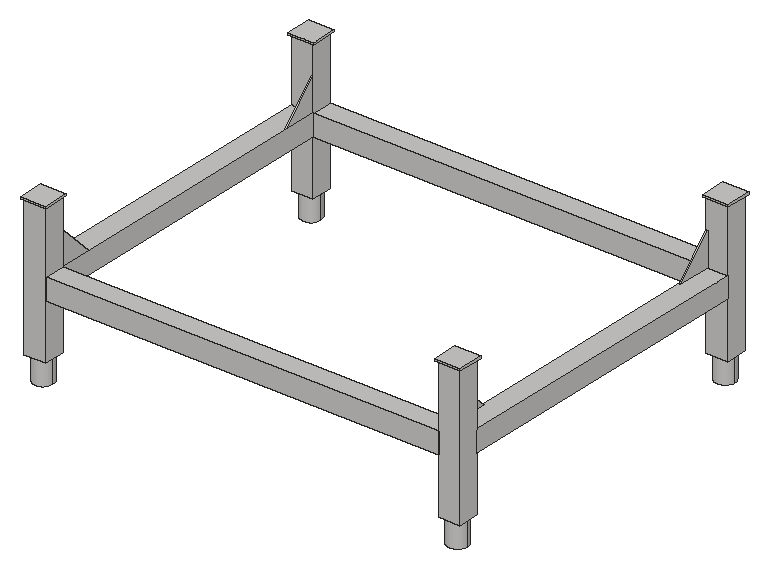
Revit family "QF_ELECTROLUXPROFESSIONAL_922633_RIFEST621", category Attrezzature speciali, Revit 2020
Family settings
  Quota connettore circolare = Usa diametro
  Tipo di parte = Normale
  Basato su piano di lavoro = No
  Sempre verticale = Sì
  Taglio con vuoti quando caricato = No
  Condiviso = No
  Punto di calcolo locali = No
Parameters (values of type "Standard")
  Weight = 0.00 kg
  Watts = 0 W
  Volts = 0 V
  URL Manufacturer = ""
  URL = ""
  Steam Supply Size = 0 mm
  Steam Supply Minimum Pressure = 0.0 Pa
  Steam Supply Maximum Pressure = 0.0 Pa
  Steam Consumption per Hour = 0
  Show Clearance [instance] = yes
  Refrigeration Suction Line Size = 0 mm
  Refrigeration Liquid Line Size = 0 mm
  Refrigerant Compressor Remote = yes
  Prospetto di default = 0 mm
  Manufacturer = ""
  Phase = 0
  Model = ""
  Length Actual = 1052 mm  # constant formula
  Item Number = ""
  Hot Water Size = 0 mm
  Height Actual = 390 mm  # constant formula
  HP = ""
  Gas Size = 0 mm
  Gas KW = 0
  Gas Input Pressure = 0 W
  Direct Waste Size = 0 mm
  Description = ""
  Depth Actual = 865 mm  # constant formula
  Cycle = 0 Hz
  Condensate Return Size = 0 mm
  Compressed Air Volume = 0.0 L/s
  Compressed Air Size = 0 mm
  Compressed Air Pressure = 0.0 Pa
  Cold Water Size = 0 mm
  Accessory = yes
Reference planes
  plane 1 "Back": y = 0
  plane 2: z = 0
  plane 3 "FRONT": y = -837
  plane 4 "LEFT": x = -126
  plane 5 "RIGHT": x = 898
  plane 6: x = 386
  plane 7 "Centro Avanti/Indietro": y = -418.5
  plane 8: z = 390
  plane 9: z = 187
  plane 10: y = -812
  plane 11: y = -25
  plane 12: x = 873
  plane 13: x = -101
  plane 14: z = 56
  plane 15: z = 385
  plane 16: x = -79.553
  plane 17: x = -76
  plane 18: x = 848
  plane 19: x = 852
Forms (mm)
  Extrusion 1, solid, material "QF_Finishes_Stainless Steel"
    sketch origin (0, 0, 0) x (1, 0, 0) y (0, 1, 0)
      loop
        line (-126, 0) -> (-126, -50) -> (-76, -50) -> (-76, 0) -> (-126, 0)
    from 56 to 385
  Extrusion 2, solid, material "QF_Finishes_Stainless Steel"
    sketch origin (772, 0, 0) x (-1, 0, 0) y (0, -1, 0)
      loop
        line (-126, 0) -> (-76, 0) -> (-76, 50) -> (-126, 50) -> (-126, 0)
    from 56 to 385
  Extrusion 3, solid, material "QF_Finishes_Stainless Steel"
    sketch origin (0, -837, 0) x (1, 0, 0) y (0, 1, 0)
      loop
        line (-126, 0) -> (-76, 0) -> (-76, 50) -> (-126, 50) -> (-126, 0)
    from 56 to 385
  Extrusion 4, solid, material "QF_Finishes_Stainless Steel"
    sketch origin (772, -837, 0) x (-1, 0, 0) y (0, -1, 0)
      loop
        line (-126, 0) -> (-126, -50) -> (-76, -50) -> (-76, 0) -> (-126, 0)
    from 56 to 385
  Extrusion 5, solid, material "QF_Finishes_Stainless Steel"
    sketch origin (0, 0, 0) x (0, 1, 0) y (0, 0, 1)
      loop
        line (0, 187) -> (0, 237) -> (-50, 237) -> (-50, 187) -> (0, 187)
    from -76 to 848
  Extrusion 6, solid, material "QF_Finishes_Stainless Steel"
    sketch origin (0, -837, 0) x (0, -1, 0) y (0, 0, -1)
      loop
        line (0, -187) -> (-50, -187) -> (-50, -237) -> (0, -237) -> (0, -187)
    from -76 to 848
  Extrusion 7, solid, material "QF_Finishes_Stainless Steel"
    sketch origin (848, -812, 0) x (-1, 0, 0) y (0, 0, 1)
      loop
        line (0, 187) -> (0, 237) -> (-50, 237) -> (-50, 187) -> (0, 187)
    from 25 to 762
  Extrusion 8, solid, material "QF_Finishes_Stainless Steel"
    sketch origin (-76, -812, 0) x (1, 0, 0) y (0, 0, -1)
      loop
        line (0, -187) -> (-50, -187) -> (-50, -237) -> (0, -237) -> (0, -187)
    from 25 to 762
  Extrusion 9, solid, material "QF_Finishes_Stainless Steel"
    sketch origin (0, 0, 0) x (1, 0, 0) y (0, 1, 0)
      loop
        line (843.174, 5) -> (843.174, -55) -> (903.174, -55) -> (903.174, 5) -> (843.174, 5)
    from 385 to 390
  Extrusion 10, solid, material "QF_Finishes_Stainless Steel"
    sketch origin (772, 0, 0) x (-1, 0, 0) y (0, -1, 0)
      loop
        line (843.174, -5) -> (903.174, -5) -> (903.174, 55) -> (843.174, 55) -> (843.174, -5)
    from 385 to 390
  Extrusion 11, solid, material "QF_Finishes_Stainless Steel"
    sketch origin (772, -837, 0) x (-1, 0, 0) y (0, -1, 0)
      loop
        line (843.174, 5) -> (843.174, -55) -> (903.174, -55) -> (903.174, 5) -> (843.174, 5)
    from 385 to 390
  Extrusion 12, solid, material "QF_Finishes_Stainless Steel"
    sketch origin (0, -837, 0) x (1, 0, 0) y (0, 1, 0)
      loop
        line (843.174, -5) -> (903.174, -5) -> (903.174, 55) -> (843.174, 55) -> (843.174, -5)
    from 385 to 390
  Extrusion 13, solid, material "QF_Finishes_Stainless Steel"
    sketch origin (0, 0, 0) x (0, 1, 0) y (0, 0, 1)
      loop
        line (-50, 315) -> (-128, 237) -> (-50, 237) -> (-50, 315)
    from -79.553 to -76
  Extrusion 14, solid, material "QF_Finishes_Stainless Steel"
    sketch origin (772, 0, 0) x (0, 1, 0) y (0, 0, -1)
      loop
        line (-50, -315) -> (-50, -237) -> (-128, -237) -> (-50, -315)
    from -79.553 to -76
  Extrusion 15, solid, material "QF_Finishes_Stainless Steel"
    sketch origin (0, -837, 0) x (0, -1, 0) y (0, 0, -1)
      loop
        line (-50, -315) -> (-50, -237) -> (-128, -237) -> (-50, -315)
    from -79.553 to -76
  Extrusion 16, solid, material "QF_Finishes_Stainless Steel"
    sketch origin (772, -837, 0) x (0, -1, 0) y (0, 0, 1)
      loop
        line (-50, 315) -> (-128, 237) -> (-50, 237) -> (-50, 315)
    from -79.553 to -76
  Extrusion 17, solid, material "QF_Finishes_Stainless Steel"
    sketch origin (0, 0, 0) x (1, 0, 0) y (0, 1, 0)
      loop
        circle (873, -812) r 23
    from 0 to 56
  Extrusion 18, solid, material "QF_Finishes_Stainless Steel"
    sketch origin (0, -837, 0) x (1, 0, 0) y (0, 1, 0)
      loop
        circle (873, 812) r 23
    from 0 to 56
  Extrusion 19, solid, material "QF_Finishes_Stainless Steel"
    sketch origin (772, -837, 0) x (-1, 0, 0) y (0, -1, 0)
      loop
        circle (873, -812) r 23
    from 0 to 56
  Extrusion 20, solid, material "QF_Finishes_Stainless Steel"
    sketch origin (772, 0, 0) x (-1, 0, 0) y (0, -1, 0)
      loop
        circle (873, 812) r 23
    from 0 to 56
Dimensions and locks
  plane 5 "RIGHT" to plane 4 "LEFT" = 1024 mm
  plane 4 "LEFT" to plane 5 "RIGHT" = 1024 mm
  plane 3 "FRONT" to plane 1 "Back" = 837 mm
  plane 1 "Back" to plane 3 "FRONT" = 837 mm
  equal spacing: plane 4 "LEFT", plane 6, plane 5 "RIGHT"
  equal spacing: plane 3 "FRONT", plane 7 "Centro Avanti/Indietro", plane 1 "Back"
  plane 8 to plane 2 = 390 mm
  equal spacing: plane 13, plane 6, plane 12
  plane 13 to plane 12 = 974 mm
  plane 11 to plane 10 = 787 mm
  equal spacing: plane 11, plane 7 "Centro Avanti/Indietro", plane 10
  plane 9 to plane 2 = 187 mm
  locked: plane 8 to plane 15 at 5
  locked: plane 4 "LEFT" to plane 17 at 50
  locked: plane 16 to plane 17 at 3.553
  locked: plane 18 to plane 5 "RIGHT" at 50
  locked: plane 18 to plane 19 at 4
  locked: plane 14 to plane 2 at 56
  aligned and locked: level to plane 2
  aligned and locked: Extrusion 3 to plane 14
  aligned and locked: Extrusion 4 to plane 14
  aligned and locked: Extrusion 1 to plane 14
  aligned and locked: Extrusion 2 to plane 14
  aligned and locked: Extrusion 6 to Extrusion 3
  aligned and locked: Extrusion 5 to Extrusion 3
  aligned and locked: Extrusion 6 to Extrusion 4
  aligned and locked: Extrusion 8 to Extrusion 1
  aligned and locked: Extrusion 7 to Extrusion 1
  aligned and locked: Extrusion 8 to Extrusion 3
  aligned and locked: Extrusion 7 to Extrusion 3
  aligned and locked: plane 8 to Extrusion 9
  aligned and locked: Extrusion 9 to plane 15
  aligned and locked: plane 15 to Extrusion 4
  aligned and locked: plane 15 to Extrusion 3
  aligned and locked: plane 15 to Extrusion 2
  aligned and locked: plane 15 to Extrusion 1
  aligned and locked: Extrusion 13 to Extrusion 1
  aligned and locked: Extrusion 13 to plane 16
  aligned and locked: plane 14 to Extrusion 17
  aligned and locked: Extrusion 17 to plane 2
Automatic sketch dimensions
  Extrusion 1 sketch curve to plane 4 "LEFT" = 0 mm
  Extrusion 1 sketch curve to plane 17 = 0 mm
  plane 1 "Back" to Extrusion 1 sketch curve = 0 mm
  Extrusion 1 sketch curve to plane 11 = 25 mm
  Extrusion 2 sketch curve to plane 5 "RIGHT" = 0 mm
  Extrusion 2 sketch curve to plane 18 = 0 mm
  plane 1 "Back" to Extrusion 2 sketch curve = 0 mm
  plane 11 to Extrusion 2 sketch curve = 25 mm
  Extrusion 3 sketch curve to plane 4 "LEFT" = 0 mm
  Extrusion 3 sketch curve to plane 17 = 0 mm
  Extrusion 3 sketch curve to plane 3 "FRONT" = 0 mm
  plane 10 to Extrusion 3 sketch curve = 25 mm
  Extrusion 4 sketch curve to plane 5 "RIGHT" = 0 mm
  Extrusion 4 sketch curve to plane 18 = 0 mm
  Extrusion 4 sketch curve to plane 3 "FRONT" = 0 mm
  Extrusion 4 sketch curve to plane 10 = 25 mm
  plane 9 to Extrusion 5 sketch curve = 0 mm
  Extrusion 5 sketch curve to plane 1 "Back" = 0 mm
  Extrusion 5 sketch curve to plane 11 = 25 mm
  Extrusion 5 sketch curve to plane 9 = 50 mm
  plane 9 to Extrusion 6 sketch curve = 0 mm
  Extrusion 6 sketch curve to plane 3 "FRONT" = 0 mm
  Extrusion 6 sketch curve to plane 10 = 25 mm
  Extrusion 6 sketch curve to Extrusion 6 sketch curve = 50 mm
  plane 5 "RIGHT" to Extrusion 7 sketch curve = 0 mm
  plane 18 to Extrusion 7 sketch curve = 0 mm
  Extrusion 7 sketch curve to plane 9 = 0 mm
  Extrusion 7 sketch curve to Extrusion 7 sketch curve = 50 mm
  Extrusion 8 sketch curve to plane 4 "LEFT" = 0 mm
  plane 17 to Extrusion 8 sketch curve = 0 mm
  Extrusion 8 sketch curve to plane 9 = 0 mm
  Extrusion 8 sketch curve to Extrusion 8 sketch curve = 50 mm
  plane 18 to Extrusion 9 sketch curve = 4.826 mm
  Extrusion 9 sketch curve to plane 5 "RIGHT" = 5.174 mm
  Extrusion 9 sketch curve to plane 11 = 30 mm
  Extrusion 9 sketch curve to plane 1 "Back" = 5 mm
  plane 17 to Extrusion 10 sketch curve = 4.826 mm
  plane 4 "LEFT" to Extrusion 10 sketch curve = 5.174 mm
  plane 11 to Extrusion 10 sketch curve = 30 mm
  plane 1 "Back" to Extrusion 10 sketch curve = 5 mm
  Extrusion 11 sketch curve to plane 17 = 4.826 mm
  Extrusion 11 sketch curve to plane 4 "LEFT" = 5.174 mm
  Extrusion 11 sketch curve to plane 10 = 30 mm
  Extrusion 11 sketch curve to plane 3 "FRONT" = 5 mm
  Extrusion 12 sketch curve to plane 18 = 4.826 mm
  plane 5 "RIGHT" to Extrusion 12 sketch curve = 5.174 mm
  plane 10 to Extrusion 12 sketch curve = 30 mm
  plane 3 "FRONT" to Extrusion 12 sketch curve = 5 mm
  Extrusion 13 sketch curve to plane 9 = 50 mm
  Extrusion 13 sketch curve to plane 11 = 103 mm
  Extrusion 13 sketch curve to plane 11 = 25 mm
  Extrusion 13 sketch curve to plane 15 = 70 mm
  Extrusion 14 sketch curve to plane 9 = 50 mm
  Extrusion 14 sketch curve to plane 11 = 103 mm
  Extrusion 14 sketch curve to plane 11 = 25 mm
  Extrusion 14 sketch curve to plane 15 = 70 mm
  Extrusion 15 sketch curve to plane 9 = 50 mm
  Extrusion 15 sketch curve to plane 10 = 103 mm
  Extrusion 15 sketch curve to plane 10 = 25 mm
  Extrusion 15 sketch curve to plane 15 = 70 mm
  Extrusion 16 sketch curve to plane 9 = 50 mm
  Extrusion 16 sketch curve to plane 10 = 103 mm
  Extrusion 16 sketch curve to plane 10 = 25 mm
  Extrusion 16 sketch curve to plane 15 = 70 mm
  plane 10 to Extrusion 17 sketch curve = 0 mm
  Extrusion 17 sketch curve to plane 12 = 0 mm
  Extrusion 18 sketch curve to plane 11 = 0 mm
  Extrusion 18 sketch curve to plane 12 = 0 mm
  Extrusion 19 sketch curve to plane 11 = 0 mm
  Extrusion 19 sketch curve to plane 13 = 0 mm
  plane 10 to Extrusion 20 sketch curve = 0 mm
  Extrusion 20 sketch curve to plane 13 = 0 mm
  radius of Extrusion 17 sketch curve = 23 mm
  radius of Extrusion 18 sketch curve = 23 mm
  radius of Extrusion 19 sketch curve = 23 mm
  radius of Extrusion 20 sketch curve = 23 mm
